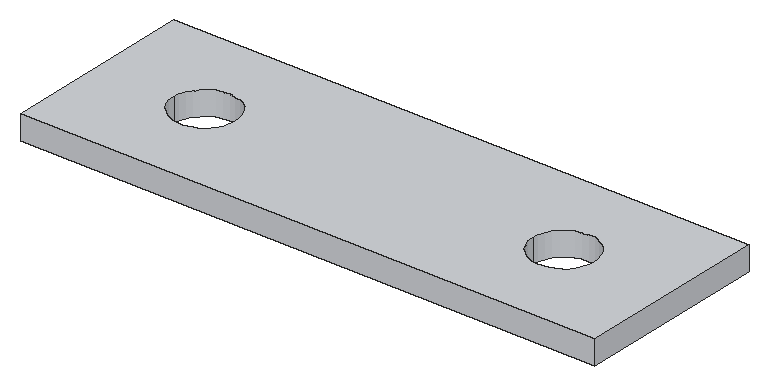
Revit family "Verbindungsplatte 2-Loch Lochung 13", category HLS-Bauteile, Revit 2017
Family settings
  Bemaßung runder Anschluss = Durchmesser verwenden
  Teiletyp = Normal
  Arbeitsebenenbasiert = Ja
  Immer vertikal = Nein
  Beim Laden mit Abzugskörper schneiden = Nein
  Gemeinsam genutzt = Ja
  Raumberechnungspunkt = Nein
Parameters (values of type "Verbindungsplatte 2-Loch Lochung 13")
  Default Elevation = 1219.2 mm
  Regelhalter [instance] = ""
  Material = "Stahl"
  L1 = 75 mm  # constant formula
  L = 120 mm  # constant formula
  Kurztext2 = "Lochung 13 mm"
  Kurztext1 = "Verbindungsplatte 2-Loch"
  Gewicht pro Bauteil = Gewicht  # 0.19 kg
  Gewicht = 0.19 kg
  Firma = "MEFA Befestigungs- und Montagesysteme GmbH"
  Fabrikat = "MEFA"
  EAN = "4250928449429"
  D = 13 mm  # constant formula
  B = 40 mm  # constant formula
  Artikelnummer = "1660001413"
Reference planes
  plane 1 "Mitte (Vorne/hinten)": y = 0
  plane 2: z = 0
  plane 3 "Mitte (Links/rechts)": x = 0
  plane 4: x = -60
  plane 5: x = 60
  plane 6: y = 20
  plane 7: y = -20
  plane 8: x = -37.5
  plane 9: x = 37.5
Forms (mm)
  Extrusion 1, solid
    sketch origin (0, 0, 0) x (1, 0, 0) y (0, 1, 0)
      loop
        line (-60, 20) -> (-60, -20) -> (60, -20) -> (60, 20) -> (-60, 20)
    from 0 to 5
  Extrusion 2, void
    sketch origin (0, 0, 0) x (1, 0, 0) y (0, 1, 0)
      loop
        circle (-37.5, 0) r 6.5
      loop
        circle (37.5, 0) r 6.5
    from 0 to 5
Cuts and joins
  Extrusion 2 cuts Extrusion 1
Lines and regions (mm)
  model lines
    curve 1: line (37.5, 10, 0) -> (37.5, -10, 0)
    curve 2: line (-37.5, 10, 0) -> (-37.5, -10, 0)
    curve 3: line (-27.5, 0, 0) -> (-47.5, 0, 0)
    curve 4: line (47.5, 0, 0) -> (27.5, 0, 0)
    curve 5: line (-37.5, 0, -7.464) -> (-37.5, 0, 12.536)
    curve 6: line (37.5, 0, -7.464) -> (37.5, 0, 12.536)
Dimensions and locks
  equal spacing: plane 4, plane 3 "Mitte (Links/rechts)", plane 5, locked at 60 each
  equal spacing: plane 8, plane 3 "Mitte (Links/rechts)", plane 9, locked at 37.5 each
  equal spacing: plane 6, plane 1 "Mitte (Vorne/hinten)", plane 7, locked at 20 each
  "B": plane 6 to plane 7
  "L1": plane 8 to plane 9
  "L": plane 4 to plane 5
  "D": diameter of Extrusion 2 sketch curve  (x2)
  aligned and locked: level to plane 2
Automatic sketch dimensions
  Extrusion 1 sketch curve to plane 4 = 0 mm
  Extrusion 1 sketch curve to plane 5 = 0 mm
  plane 7 to Extrusion 1 sketch curve = 0 mm
  Extrusion 1 sketch curve to plane 6 = 0 mm
  plane 1 "Mitte (Vorne/hinten)" to Extrusion 2 sketch curve = 0 mm  (x2)
  Extrusion 2 sketch curve to plane 8 = 0 mm
  Extrusion 2 sketch curve to plane 9 = 0 mm
  curve 2 to plane 8 = 0 mm
  curve 1 to plane 9 = 0 mm
  plane 1 "Mitte (Vorne/hinten)" to curve 1 = 10 mm
  plane 1 "Mitte (Vorne/hinten)" to curve 2 = 10 mm
  curve 2 to plane 1 "Mitte (Vorne/hinten)" = 10 mm
  curve 1 to plane 1 "Mitte (Vorne/hinten)" = 10 mm
  plane 1 "Mitte (Vorne/hinten)" to curve 3 = 0 mm
  curve 3 to plane 8 = 10 mm
  plane 8 to curve 3 = 10 mm
  plane 1 "Mitte (Vorne/hinten)" to curve 4 = 0 mm
  plane 9 to curve 4 = 10 mm
  curve 4 to plane 9 = 10 mm
  curve 5 to plane 8 = 0 mm
  plane 9 to curve 6 = 0 mm
  curve 6 to level = 7.464 mm
  curve 5 to level = 7.464 mm
  level to curve 6 = 12.536 mm
  level to curve 5 = 12.536 mm
